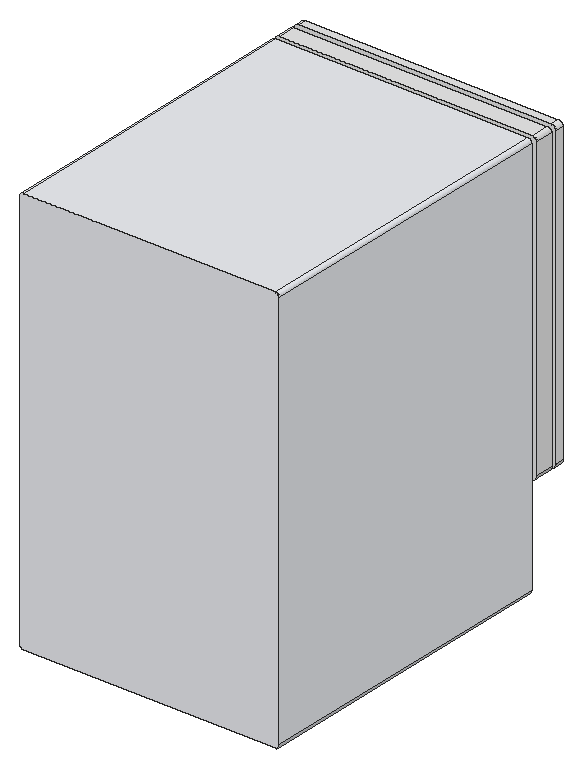
Revit family "Deca_Bacia Sanitária Convencional Cubo com Assento_P.26", category Plumbing Fixtures, host Face, Revit 2010
Parameters (values of type "P.26C.17_Branco Gelo GE17_Fixação Cromada")
  WFU = 0
  Vendido Separadamente = ""
  Variações de COR = "Branco e fixação cromada (P.26C.17); Branco e fixação dourada (P.26D.17); Ébano e fixação cromada (P.26C.95); Ébano e fixação dourada (P.26D.95)"  # constant formula
  URL = "www.deca.com.br/produtos"
  Segmento = "Luxo"  # constant formula
  Raio Água Fria = 20 mm  # constant formula
  Raio Ponto de Esgoto = 50 mm  # constant formula
  Produto = "Bacia sanitária convencional Cubo com assento"  # constant formula
  Pressão = "2 a 40 mca"  # constant formula
  Peso Liquido (Kg) = 41
  Norma = "ABNT NBR 15097-1: 2011"  # constant formula
  Model = Código  # "P.26C.17"
  Material = "Deca_Vitreous China"  # constant formula
  Manufacturer = "Deca"  # constant formula
  Louça/Metais = "Louça"  # constant formula
  Linha = "Cubo"  # constant formula
  Informações Complementares = ""
  Flow Pressure = 0.00 psi
  Diâmetro Água Fria = Raio Água Fria * 2  # 40 mm
  Diâmetro Ponto de Esgoto = Raio Ponto de Esgoto * 2  # 100 mm
  Description = "Bacia sanitária convencional"  # constant formula
  Default Elevation = 0 mm
  Código = "P.26C.17"
  Criado por = "Contino/quattroD"  # constant formula
  Consumo = "6 lpf"  # constant formula
  CWFU = 0
  Bacia = Deca GE17 Branco Gelo Cerâmica
  Atendimento ao Cliente = "0800-0117073"  # constant formula
  Assento = Deca GE17 Branco Gelo Poliéster
  Assembly Code = "D2010110"
  Aprovado por = "Contino/quattroD"  # constant formula
  Acompanha o Produto = "Anel de vedação (AV.90.01), tubo de ligação, conjunto de fixação SP.121.01, acabamento lateral, calço e assento em poliester."  # constant formula
Types (4, lengths in mm): name | Model | Código | Bacia | Assento
  P.26C.17_Branco Gelo GE17_Fixação Cromada | "P.26C.17" | "P.26C.17" | Deca GE17 Branco Gelo Cerâmica | Deca GE17 Branco Gelo Poliéster
  P.26C.95_Ébano EB95_Fixação Cromada | "P.26C.95" | "P.26C.95" | Deca EB95 Ébano Cerâmica | Deca EB95 Ébano Poliéster
  P.26D.95_Ébano EB95_Fixação Dourada | "P.26D.95" | "P.26D.95" | Deca EB95 Ébano Cerâmica | Deca EB95 Ébano Poliéster
  P.26D.17_Branco Gelo GE17_Fixação Dourada | "P.26D.17" | "P.26D.17" | Deca GE17 Branco Gelo Cerâmica | Deca GE17 Branco Gelo Poliéster
Reference planes
  plane 1 "Center (Front/Back)": y = -0.049
  plane 2: z = 0
  plane 3 "Center (Left/Right)": x = 0
  plane 4 "Top 1": y = 329.951
  plane 5 "Front 1": z = 260
  plane 6 "Right 1": x = 176
  plane 7 "Left 1": x = -176
  plane 8 "Top 2": y = 427.631
  plane 9 "Front 2": z = 554.4
  plane 10 "Top 3": y = 478.381
Forms (mm)
  Extrusion 1, solid, material "Deca GE17 Branco Gelo Cerâmica" <- "Bacia", not visible
    sketch origin (0, -0.049, 122.514) x (1, 0, 0) y (0, 0, 1)
      loop
        circle (0, 137.486) r 50
    from 0.049 to 3
  Extrusion 2, solid, material "Deca GE17 Branco Gelo Poliéster" <- "Assento"
    sketch origin (0, 0, 0) x (1, 0, 0) y (0, 1, 0)
      loop
        circle (0, 330) r 20
    from 0 to -3
  Extrusion 3, solid, material "Deca GE17 Branco Gelo Cerâmica" <- "Bacia"
    sketch origin (0, -0.049, 0) x (1, 0, 0) y (0, 0, 1)
      loop
        line (176, 5.28) -> (176, 549.12)
        arc (176, 549.12) -> (174.454, 552.854) -> (170.72, 554.4) r 5.28
        line (170.72, 554.4) -> (-170.72, 554.4)
        arc (-170.72, 554.4) -> (-174.454, 552.854) -> (-176, 549.12) r 5.28
        line (-176, 549.12) -> (-176, 5.28)
        arc (-176, 5.28) -> (-174.454, 1.546) -> (-170.72, 0) r 5.28
        line (-170.72, 0) -> (170.72, 0)
        arc (170.72, 0) -> (174.454, 1.546) -> (176, 5.28) r 5.28
    from -427.68 to 0
  Extrusion 4, solid, material "Deca GE17 Branco Gelo Poliéster" <- "Assento"
    sketch origin (0, -0.049, 0) x (1, 0, 0) y (0, 0, 1)
      loop
        line (-177, 548.4) -> (-177, 142.4)
        arc (-177, 142.4) -> (-175.243, 138.157) -> (-171, 136.4) r 6
        line (-171, 136.4) -> (172, 136.4)
        arc (172, 136.4) -> (176.243, 138.157) -> (178, 142.4) r 6
        line (178, 142.4) -> (178, 548.4)
        arc (178, 548.4) -> (176.243, 552.643) -> (172, 554.4) r 6
        line (172, 554.4) -> (-171, 554.4)
        arc (-171, 554.4) -> (-175.243, 552.643) -> (-177, 548.4) r 6
    from -459.27 to -434.43
  Extrusion 5, solid, material "Deca GE17 Branco Gelo Poliéster" <- "Assento"
    sketch origin (0, -0.049, 0) x (1, 0, 0) y (0, 0, 1)
      loop
        line (-171, 136.4) -> (172, 136.4)
        arc (172, 136.4) -> (176.243, 138.157) -> (178, 142.4) r 6
        line (178, 142.4) -> (178, 548.4)
        arc (178, 548.4) -> (176.243, 552.643) -> (172, 554.4) r 6
        line (172, 554.4) -> (-171, 554.4)
        arc (-171, 554.4) -> (-175.243, 552.643) -> (-177, 548.4) r 6
        line (-177, 548.4) -> (-177, 142.4)
        arc (-177, 142.4) -> (-175.243, 138.157) -> (-171, 136.4) r 6
    from -478.43 to -466.43
Lines and regions (mm)
  Masking region 1
    outline origin (-798.293, -53.407, 0) x (1, 0, 0) y (0, 1, 0)
      loop
        line (622.293, 475.758) -> (622.293, 55.998)
        arc (622.293, 55.998) -> (623.066, 54.131) -> (624.933, 53.358) r 2.64
        line (624.933, 53.358) -> (971.653, 53.358)
        arc (971.653, 53.358) -> (973.52, 54.131) -> (974.293, 55.998) r 2.64
        line (974.293, 55.998) -> (974.293, 475.758)
        arc (974.293, 475.758) -> (972.746, 479.492) -> (969.013, 481.038) r 5.28
        line (969.013, 481.038) -> (627.573, 481.038)
        arc (627.573, 481.038) -> (623.839, 479.492) -> (622.293, 475.758) r 5.28
  Masking region 2
    outline origin (0, 329.951, 0) x (-1, 0, 0) y (0, 0, 1)
      loop
        line (176, 554.4) -> (-176, 554.4) -> (-176, 5.28)
        arc (-176, 5.28) -> (-174.454, 1.546) -> (-170.72, 0) r 5.28
        line (-170.72, 0) -> (170.72, 0)
        arc (170.72, 0) -> (174.454, 1.546) -> (176, 5.28) r 5.28
        line (176, 5.28) -> (176, 554.4)
  Masking region 3
    outline origin (0, -1086.712, -152.419) x (0, 1, 0) y (0, 0, 1)
      loop
        line (1514.343, 231.819) -> (1518.843, 231.819)
        arc (1518.843, 231.819) -> (1519.55, 232.112) -> (1519.843, 232.819) r 1
        line (1519.843, 232.819) -> (1519.843, 240.469) -> (1529.343, 240.469)
        arc (1529.343, 240.469) -> (1529.697, 240.615) -> (1529.843, 240.969) r 0.5
        line (1529.843, 240.969) -> (1529.843, 252.669)
        arc (1529.843, 252.669) -> (1529.697, 253.022) -> (1529.343, 253.169) r 0.5
        line (1529.343, 253.169) -> (1519.843, 253.169) -> (1519.843, 264.881) -> (1552.843, 264.881)
        arc (1552.843, 264.881) -> (1553.197, 265.028) -> (1553.343, 265.381) r 0.5
        line (1553.343, 265.381) -> (1553.343, 280.256)
        arc (1553.343, 280.256) -> (1553.197, 280.61) -> (1552.843, 280.756) r 0.5
        line (1552.843, 280.756) -> (1545.451, 280.756) -> (1552.193, 287.289)
        arc (1552.193, 287.289) -> (1552.853, 288.256) -> (1553.093, 289.401) r 3.002
        line (1553.093, 289.401) -> (1553.093, 290.819)
        arc (1553.093, 290.819) -> (1553.679, 289.405) -> (1555.093, 288.819) r 2
        line (1555.093, 288.819) -> (1562.093, 288.819)
        arc (1562.093, 288.819) -> (1564.214, 289.697) -> (1565.093, 291.819) r 3
        line (1565.093, 291.819) -> (1565.093, 703.819)
        arc (1565.093, 703.819) -> (1564.214, 705.94) -> (1562.093, 706.819) r 3
        line (1562.093, 706.819) -> (1555.093, 706.819)
        arc (1555.093, 706.819) -> (1553.679, 706.233) -> (1553.093, 704.819) r 2
        line (1553.093, 704.819) -> (1553.093, 324.027) -> (1550.713, 324.027) -> (1550.713, 289.169) -> (1542.031, 280.756) -> (1527.018, 280.756) -> (1523.861, 283.397)
        arc (1523.861, 283.397) -> (1521.821, 286.259) -> (1521.403, 289.749) r 7.106
        arc (1521.403, 289.749) -> (1522.129, 289.067) -> (1523.093, 288.819) r 2
        line (1523.093, 288.819) -> (1540.087, 288.819)
        arc (1540.087, 288.819) -> (1544.487, 290.74) -> (1546.069, 295.272) r 6
        line (1546.069, 295.272) -> (1546.069, 700.296)
        arc (1546.069, 700.296) -> (1544.516, 704.872) -> (1540.092, 706.819) r 6
        line (1540.092, 706.819) -> (1523.093, 706.819)
        arc (1523.093, 706.819) -> (1521.679, 706.233) -> (1521.093, 704.819) r 2
        line (1521.093, 704.819) -> (1521.093, 325.005) -> (1518.963, 325.005) -> (1518.963, 288.648)
        arc (1518.963, 288.648) -> (1519.716, 285.073) -> (1521.765, 282.047) r 9.488
        line (1521.765, 282.047) -> (1523.309, 280.756) -> (1519.843, 280.756) -> (1519.843, 281.819)
        arc (1519.843, 281.819) -> (1519.55, 282.526) -> (1518.843, 282.819) r 1
        line (1518.843, 282.819) -> (1514.343, 282.819) -> (1514.343, 231.819)
  Masking region 4
    outline origin (0, -0.049, 0) x (1, 0, 0) y (0, 0, 1)
      loop
        line (178, 136.4) -> (178, 554.4) -> (-177, 554.4) -> (-177, 136.4) -> (178, 136.4)
  Masking region 5
    outline origin (0, -1086.696, -152.419) x (0, 1, 0) y (0, 0, 1)
      loop
        line (1509.047, 706.819) -> (1089.287, 706.819)
        arc (1089.287, 706.819) -> (1087.42, 706.046) -> (1086.647, 704.179) r 2.64
        line (1086.647, 704.179) -> (1086.647, 155.059)
        arc (1086.647, 155.059) -> (1087.42, 153.192) -> (1089.287, 152.419) r 2.64
        line (1089.287, 152.419) -> (1509.047, 152.419)
        arc (1509.047, 152.419) -> (1512.78, 153.965) -> (1514.327, 157.699) r 5.28
        line (1514.327, 157.699) -> (1514.327, 701.539)
        arc (1514.327, 701.539) -> (1512.78, 705.272) -> (1509.047, 706.819) r 5.28
  Masking region 6
    outline origin (-798.293, -53.407, 0) x (1, 0, 0) y (0, 1, 0)
      loop
        line (623.293, 487.788) -> (974.293, 487.788)
        arc (974.293, 487.788) -> (975.707, 488.374) -> (976.293, 489.788) r 2
        line (976.293, 489.788) -> (976.293, 506.787)
        arc (976.293, 506.787) -> (974.535, 511.03) -> (970.293, 512.787) r 6
        line (970.293, 512.787) -> (627.293, 512.821)
        arc (627.293, 512.821) -> (623.05, 511.03) -> (621.293, 506.787) r 6
        line (621.293, 506.787) -> (621.293, 489.788)
        arc (621.293, 489.788) -> (621.879, 488.374) -> (623.293, 487.788) r 2
      loop
        line (623.293, 519.788) -> (974.293, 519.788)
        arc (974.293, 519.788) -> (975.707, 520.374) -> (976.293, 521.788) r 2
        line (976.293, 521.788) -> (976.293, 528.788)
        arc (976.293, 528.788) -> (975.414, 530.909) -> (973.293, 531.788) r 3
        line (973.293, 531.788) -> (624.293, 531.788)
        arc (624.293, 531.788) -> (622.171, 530.909) -> (621.293, 528.788) r 3
        line (621.293, 528.788) -> (621.293, 521.788)
        arc (621.293, 521.788) -> (621.879, 520.374) -> (623.293, 519.788) r 2
  symbolic lines
    curve 1: line (85.97, -0.049, 80.4) -> (85.97, -0.049, 114.05)
    curve 2: line (56.97, -0.049, 79.4) -> (84.97, -0.049, 79.4)
    curve 3: line (55.97, -0.049, 80.4) -> (55.97, -0.049, 114.05)
    curve 4: arc (56.97, -0.049, 79.4) -> (56.263, -0.049, 79.693) -> (55.97, -0.049, 80.4) r 1
    curve 5: arc (85.97, -0.049, 80.4) -> (85.677, -0.049, 79.693) -> (84.97, -0.049, 79.4) r 1
    curve 6: line (65.12, -0.049, 88.05) -> (76.82, -0.049, 88.05)
    curve 7: line (77.32, -0.049, 88.55) -> (77.32, -0.049, 100.25)
    curve 8: arc (77.32, -0.049, 88.55) -> (77.174, -0.049, 88.196) -> (76.82, -0.049, 88.05) r 0.5
    curve 9: arc (65.12, -0.049, 88.05) -> (64.766, -0.049, 88.196) -> (64.62, -0.049, 88.55) r 0.5
    curve 10: line (64.62, -0.049, 100.25) -> (64.62, -0.049, 88.55)
    curve 11: arc (64.62, -0.049, 100.25) -> (64.766, -0.049, 100.604) -> (65.12, -0.049, 100.75) r 0.5
    curve 12: line (76.82, -0.049, 100.75) -> (65.12, -0.049, 100.75)
    curve 13: arc (76.82, -0.049, 100.75) -> (77.174, -0.049, 100.604) -> (77.32, -0.049, 100.25) r 0.5
    curve 14: line (79.258, -0.049, 114.05) -> (95.128, -0.049, 114.05)
    curve 15: line (105.97, -0.049, 114.05) -> (95.47, -0.049, 114.05)
    curve 16: arc (106.47, -0.049, 114.55) -> (106.324, -0.049, 114.196) -> (105.97, -0.049, 114.05) r 0.5
    curve 17: line (106.47, -0.049, 114.55) -> (106.47, -0.049, 126.25)
    curve 18: arc (105.97, -0.049, 126.75) -> (106.324, -0.049, 126.604) -> (106.47, -0.049, 126.25) r 0.5
    curve 19: line (95.47, -0.049, 126.75) -> (105.97, -0.049, 126.75)
    curve 20: line (95.128, -0.049, 126.75) -> (79.258, -0.049, 126.75)
    curve 21: line (95.128, -0.049, 114.05) -> (95.128, -0.049, 126.75)
    curve 22: line (95.47, -0.049, 114.05) -> (95.47, -0.049, 126.75)
    curve 23: line (79.258, -0.049, 126.75) -> (79.258, -0.049, 114.05)
    curve 24: line (95.128, -0.049, 126.75) -> (95.128, -0.049, 136.4)
    curve 25: line (79.258, -0.049, 136.4) -> (79.258, -0.049, 126.75)
    curve 26: line (95.128, -0.049, 130.956) -> (79.258, -0.049, 130.956)
    curve 27: line (78.908, -0.049, 127.838) -> (78.908, -0.049, 112.963)
    curve 28: arc (78.908, -0.049, 112.963) -> (78.761, -0.049, 112.609) -> (78.408, -0.049, 112.463) r 0.5
    curve 29: line (78.408, -0.049, 112.463) -> (63.533, -0.049, 112.463)
    curve 30: arc (63.533, -0.049, 112.463) -> (63.179, -0.049, 112.609) -> (63.033, -0.049, 112.963) r 0.5
    curve 31: line (63.033, -0.049, 127.838) -> (63.033, -0.049, 112.963)
    curve 32: arc (63.033, -0.049, 127.838) -> (63.179, -0.049, 128.191) -> (63.533, -0.049, 128.338) r 0.5
    curve 33: line (78.408, -0.049, 128.338) -> (63.533, -0.049, 128.338)
    curve 34: arc (78.408, -0.049, 128.338) -> (78.761, -0.049, 128.191) -> (78.908, -0.049, 127.838) r 0.5
    curve 35: line (62.683, -0.049, 114.05) -> (46.813, -0.049, 114.05)
    curve 36: line (35.97, -0.049, 114.05) -> (46.47, -0.049, 114.05)
    curve 37: arc (35.47, -0.049, 114.55) -> (35.616, -0.049, 114.196) -> (35.97, -0.049, 114.05) r 0.5
    curve 38: line (35.47, -0.049, 114.55) -> (35.47, -0.049, 126.25)
    curve 39: arc (35.97, -0.049, 126.75) -> (35.616, -0.049, 126.604) -> (35.47, -0.049, 126.25) r 0.5
    curve 40: line (46.47, -0.049, 126.75) -> (35.97, -0.049, 126.75)
    curve 41: line (46.813, -0.049, 126.75) -> (62.683, -0.049, 126.75)
    curve 42: line (46.813, -0.049, 114.05) -> (46.813, -0.049, 126.75)
    curve 43: line (46.47, -0.049, 114.05) -> (46.47, -0.049, 126.75)
    curve 44: line (62.683, -0.049, 126.75) -> (62.683, -0.049, 114.05)
    curve 45: line (46.813, -0.049, 126.75) -> (46.813, -0.049, 136.4)
    curve 46: line (62.683, -0.049, 136.4) -> (62.683, -0.049, 126.75)
    curve 47: line (46.813, -0.049, 130.956) -> (62.683, -0.049, 130.956)
    curve 48: line (-85.97, -0.049, 80.4) -> (-85.97, -0.049, 114.05)
    curve 49: line (-56.97, -0.049, 79.4) -> (-84.97, -0.049, 79.4)
    curve 50: line (-55.97, -0.049, 80.4) -> (-55.97, -0.049, 114.05)
    curve 51: arc (-56.97, -0.049, 79.4) -> (-56.263, -0.049, 79.693) -> (-55.97, -0.049, 80.4) r 1
    curve 52: arc (-85.97, -0.049, 80.4) -> (-85.677, -0.049, 79.693) -> (-84.97, -0.049, 79.4) r 1
    curve 53: line (-65.12, -0.049, 88.05) -> (-76.82, -0.049, 88.05)
    curve 54: line (-77.32, -0.049, 88.55) -> (-77.32, -0.049, 100.25)
    curve 55: arc (-77.32, -0.049, 88.55) -> (-77.174, -0.049, 88.196) -> (-76.82, -0.049, 88.05) r 0.5
    curve 56: arc (-65.12, -0.049, 88.05) -> (-64.766, -0.049, 88.196) -> (-64.62, -0.049, 88.55) r 0.5
    curve 57: line (-64.62, -0.049, 100.25) -> (-64.62, -0.049, 88.55)
    curve 58: arc (-64.62, -0.049, 100.25) -> (-64.766, -0.049, 100.604) -> (-65.12, -0.049, 100.75) r 0.5
    curve 59: line (-76.82, -0.049, 100.75) -> (-65.12, -0.049, 100.75)
    curve 60: arc (-76.82, -0.049, 100.75) -> (-77.174, -0.049, 100.604) -> (-77.32, -0.049, 100.25) r 0.5
    curve 61: line (-79.257, -0.049, 114.05) -> (-95.127, -0.049, 114.05)
    curve 62: line (-105.97, -0.049, 114.05) -> (-95.47, -0.049, 114.05)
    curve 63: arc (-106.47, -0.049, 114.55) -> (-106.324, -0.049, 114.196) -> (-105.97, -0.049, 114.05) r 0.5
    curve 64: line (-106.47, -0.049, 114.55) -> (-106.47, -0.049, 126.25)
    curve 65: arc (-105.97, -0.049, 126.75) -> (-106.324, -0.049, 126.604) -> (-106.47, -0.049, 126.25) r 0.5
    curve 66: line (-95.47, -0.049, 126.75) -> (-105.97, -0.049, 126.75)
    curve 67: line (-95.127, -0.049, 126.75) -> (-79.257, -0.049, 126.75)
    curve 68: line (-95.127, -0.049, 114.05) -> (-95.127, -0.049, 126.75)
    curve 69: line (-95.47, -0.049, 114.05) -> (-95.47, -0.049, 126.75)
    curve 70: line (-79.257, -0.049, 126.75) -> (-79.257, -0.049, 114.05)
    curve 71: line (-95.127, -0.049, 126.75) -> (-95.127, -0.049, 136.4)
    curve 72: line (-79.257, -0.049, 136.4) -> (-79.257, -0.049, 126.75)
    curve 73: line (-78.907, -0.049, 127.838) -> (-78.907, -0.049, 112.963)
    curve 74: arc (-78.907, -0.049, 112.963) -> (-78.761, -0.049, 112.609) -> (-78.407, -0.049, 112.463) r 0.5
    curve 75: line (-78.407, -0.049, 112.463) -> (-63.532, -0.049, 112.463)
    curve 76: arc (-63.532, -0.049, 112.463) -> (-63.179, -0.049, 112.609) -> (-63.032, -0.049, 112.963) r 0.5
    curve 77: line (-63.032, -0.049, 127.838) -> (-63.032, -0.049, 112.963)
    curve 78: arc (-63.032, -0.049, 127.838) -> (-63.179, -0.049, 128.191) -> (-63.532, -0.049, 128.338) r 0.5
    curve 79: line (-78.407, -0.049, 128.338) -> (-63.532, -0.049, 128.338)
    curve 80: arc (-78.407, -0.049, 128.338) -> (-78.761, -0.049, 128.191) -> (-78.907, -0.049, 127.838) r 0.5
    curve 81: line (-62.682, -0.049, 114.05) -> (-46.812, -0.049, 114.05)
    curve 82: line (-35.97, -0.049, 114.05) -> (-46.47, -0.049, 114.05)
    curve 83: arc (-35.47, -0.049, 114.55) -> (-35.616, -0.049, 114.196) -> (-35.97, -0.049, 114.05) r 0.5
    curve 84: line (-35.47, -0.049, 114.55) -> (-35.47, -0.049, 126.25)
    curve 85: arc (-35.97, -0.049, 126.75) -> (-35.616, -0.049, 126.604) -> (-35.47, -0.049, 126.25) r 0.5
    curve 86: line (-46.47, -0.049, 126.75) -> (-35.97, -0.049, 126.75)
    curve 87: line (-46.812, -0.049, 126.75) -> (-62.682, -0.049, 126.75)
    curve 88: line (-46.812, -0.049, 114.05) -> (-46.812, -0.049, 126.75)
    curve 89: line (-46.47, -0.049, 114.05) -> (-46.47, -0.049, 126.75)
    curve 90: line (-62.682, -0.049, 126.75) -> (-62.682, -0.049, 114.05)
    curve 91: line (-46.812, -0.049, 126.75) -> (-46.812, -0.049, 136.4)
    curve 92: line (-62.682, -0.049, 136.4) -> (-62.682, -0.049, 126.75)
    curve 93: line (-46.812, -0.049, 130.956) -> (-62.682, -0.049, 130.956)
    curve 94: line (-95.127, -0.049, 130.956) -> (-79.257, -0.049, 130.956)
    curve 95: line (0, 434.381, 198.625) -> (0, 434.381, 138.4)
    curve 96: arc (0, 434.631, 137.432) -> (0, 434.445, 137.9) -> (0, 434.381, 138.4) r 2
    curve 97: line (0, 466.381, 138.4) -> (0, 466.381, 171.4)
    curve 98: line (0, 427.631, 79.4) -> (0, 427.631, 130.4)
    curve 99: line (0, 433.131, 88.05) -> (0, 433.131, 100.75)
    curve 100: line (0, 433.131, 112.463) -> (0, 433.131, 128.338)
    curve 101: line (0, 436.597, 128.338) -> (0, 453.272, 114.345)
    curve 102: line (0, 452.038, 118.527) -> (0, 440.346, 128.338)
    curve 103: line (0, 455.32, 128.338) -> (0, 458.74, 128.338)
    curve 104: line (0, 453.681, 114.55) -> (0, 453.681, 126.25)
    curve 105: arc (0, 453.681, 126.25) -> (0, 453.828, 126.604) -> (0, 454.181, 126.75) r 0.5
    curve 106: line (0, 454.181, 126.75) -> (0, 465.881, 126.75)
    curve 107: arc (0, 465.881, 126.75) -> (0, 466.235, 126.604) -> (0, 466.381, 126.25) r 0.5
    curve 108: line (0, 466.381, 126.25) -> (0, 466.381, 114.55)
    curve 109: arc (0, 466.381, 114.55) -> (0, 466.235, 114.196) -> (0, 465.881, 114.05) r 0.5
    curve 110: line (0, 454.181, 114.05) -> (0, 465.881, 114.05)
    curve 111: arc (0, 454.181, 114.05) -> (0, 453.828, 114.196) -> (0, 453.681, 114.55) r 0.5
    curve 112: arc (0, 453.681, 119.292) -> (0, 453.103, 118.386) -> (0, 452.038, 118.527) r 1
    curve 113: arc (0, 454.181, 114.05) -> (0, 453.703, 114.126) -> (0, 453.272, 114.345) r 1.547
    curve 114: circle (0, 23.401, 292.19) r 7 normal (1, 0, 0)
Dimensions and locks
  plane 1 "Center (Front/Back)" to plane 8 "Top 2" = 427.68 mm
  plane 7 "Left 1" to plane 6 "Right 1" = 352 mm
  host face to plane 9 "Front 2" = 554.4 mm  (x2)
  plane 8 "Top 2" to plane 10 "Top 3" = 50.75 mm  (x2)
  plane 1 "Center (Front/Back)" to plane 10 "Top 3" = 478.43 mm  (x2)
  plane 1 "Center (Front/Back)" to plane 4 "Top 1" = 330 mm
  plane 8 "Top 2" to plane 4 "Top 1" = 97.68 mm
  plane 6 "Right 1" to plane 7 "Left 1" = 352 mm
  host face to plane 5 "Front 1" to plane 9 "Front 2" = 260 mm, 294.4 mm
  aligned and locked: host face to plane 2
  aligned and locked: level to host face
  aligned and locked: Extrusion 3 to plane 8 "Top 2"
  aligned and locked: plane 1 "Center (Front/Back)" to Extrusion 3
  aligned and locked: Extrusion 5 to plane 10 "Top 3"
Connectors
  piping at (0, -0.098, 260), driven by "Raio Ponto de Esgoto", driven by "WFU", driven by "Flow Pressure"
    settings: on Extrusion 1, index 1, connector radius 1.9685", flow factor 0, pipe flow 0 GPM, pressure drop 0.00 psi, fitting loss kfactor 0, connector angle 0.00°, fixture units 0, engagement length 0 mm, flow configuration 3, flow direction 2, fitting loss method 0, system type 16, joint type 0, gender type 0, connector reference index -1, connector utility 0, adjustable connector no, is connector primary yes, fitting loss table "", connector description ""
  piping at (0, 330, 0), driven by "Raio Água Fria", driven by "Flow Pressure", driven by "CWFU"
    settings: on Extrusion 2, index 2, connector radius 0.7874", flow factor 0, pipe flow 0 GPM, pressure drop 0.00 psi, fitting loss kfactor 0, connector angle 0.00°, fixture units 0, engagement length 0 mm, flow configuration 3, flow direction 1, fitting loss method 4, system type 20, joint type 0, gender type 0, connector reference index -1, connector utility 0, adjustable connector no, is connector primary no, fitting loss table "", connector description ""
